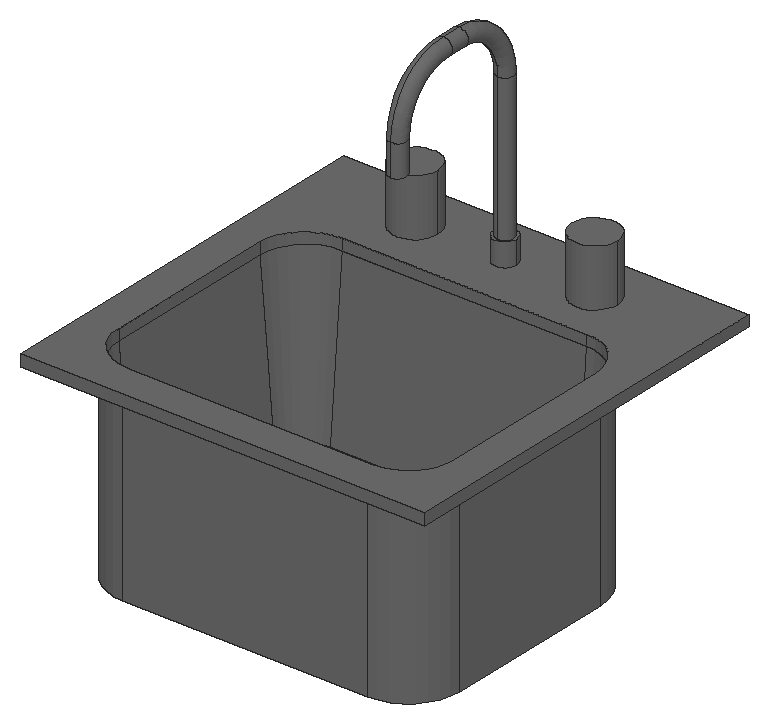
Revit family "M_水槽廚房-獨立型工作台", category 衛工裝置, Revit 2014
Parameters (values of type "450 x 450 mm")
  櫃檯高度 [instance] = 900.00 mm
  深度 = 450.00 mm
  固定裝置材質 = 金屬 - 鋼，拋光
  水槽材質 = 金屬 - 鋼，拋光
  寬度 = 450.00 mm
Reference planes
  plane 1 "中心 (前/後)": y = 2.345
  plane 2: z = 0
  plane 3 "中心 (左/右)": x = 15.689
  plane 4: y = 227.345
  plane 5: y = -222.655
  plane 6: x = -209.311
  plane 7: x = 240.689
  plane 8 "流理台面": z = 900
  plane 9: z = 912.7
  plane 10: z = 684.1
  plane 11: y = 113.045
  plane 12: x = -171.211
  plane 13: y = -184.555
  plane 14: x = 202.589
  plane 15: x = -84.311
  plane 16: x = 115.689
  plane 17: y = 170.195
  plane 18: y = 170.195
  plane 19: y = 170.195
  plane 20: z = 1163.525
  plane 21: y = 20.97
  plane 22: z = 976.2
  plane 23: z = 938.1
Forms (mm)
  Extrusion 1, solid, material "金屬 - 鋼，拋光" <- "水槽材質"
    sketch origin (0, 0, 0) x (1, 0, 0) y (0, 1, 0)
      loop
        line (-209.311, 227.345) -> (-209.311, -222.655) -> (240.689, -222.655) -> (240.689, 227.345) -> (-209.311, 227.345)
      loop
        arc (-120.411, 113.045) -> (-156.332, 98.166) -> (-171.211, 62.245) r 50.8
        line (-171.211, 62.245) -> (-171.211, -133.755)
        arc (-171.211, -133.755) -> (-156.332, -169.676) -> (-120.411, -184.555) r 50.8
        line (-120.411, -184.555) -> (151.789, -184.555)
        arc (151.789, -184.555) -> (187.71, -169.676) -> (202.589, -133.755) r 50.8
        line (202.589, -133.755) -> (202.589, 62.245)
        arc (202.589, 62.245) -> (187.71, 98.166) -> (151.789, 113.045) r 50.8
        line (151.789, 113.045) -> (-120.411, 113.045)
    from 900 to 912.7
  Sweep 2, solid, material "金屬 - 鋼，拋光" <- "水槽材質"
    path origin (0, 0, 0) x (1, 0, 0) y (0, 1, 0)
      loop
        arc (-120.411, 113.045) -> (-156.332, 98.166) -> (-171.211, 62.245) r 50.8
        line (-171.211, 62.245) -> (-171.211, -133.755)
        arc (-171.211, -133.755) -> (-156.332, -169.676) -> (-120.411, -184.555) r 50.8
        line (-120.411, -184.555) -> (151.789, -184.555)
        arc (151.789, -184.555) -> (187.71, -169.676) -> (202.589, -133.755) r 50.8
        line (202.589, -133.755) -> (202.589, 62.245)
        arc (202.589, 62.245) -> (187.71, 98.166) -> (151.789, 113.045) r 50.8
        line (151.789, 113.045) -> (-120.411, 113.045)
    profile origin (15.689, 0, 0) x (0, 1, 0) y (0, 0, 1)
      loop
        line (113.045, 900) -> (96.511, 711.015)
        arc (96.511, 711.015) -> (90.404, 698.63) -> (77.534, 693.625) r 19.05
        line (77.534, 693.625) -> (74.945, 693.625) -> (74.945, 684.1) -> (119.395, 684.1) -> (119.395, 900) -> (113.045, 900)
  Extrusion 3, solid, material "金屬 - 鋼，拋光" <- "水槽材質"
    sketch origin (0, 0, 0) x (1, 0, 0) y (0, 1, 0)
      loop
        arc (-120.411, 74.945) -> (-129.391, 71.226) -> (-133.111, 62.245) r 12.7
        line (-133.111, 62.245) -> (-133.111, -133.755)
        arc (-133.111, -133.755) -> (-129.391, -142.735) -> (-120.411, -146.455) r 12.7
        line (-120.411, -146.455) -> (151.789, -146.455)
        arc (151.789, -146.455) -> (160.769, -142.735) -> (164.489, -133.755) r 12.7
        line (164.489, -133.755) -> (164.489, 62.245)
        arc (164.489, 62.245) -> (160.769, 71.226) -> (151.789, 74.945) r 12.7
        line (151.789, 74.945) -> (-120.411, 74.945)
      loop
        circle (15.689, 0) r 25.4
    from 684.1 to 693.625
  Extrusion 4, solid, material "金屬 - 鋼，拋光" <- "固定裝置材質"
    sketch origin (0, 0, 0) x (1, 0, 0) y (0, 1, 0)
      loop
        circle (-84.311, 170.195) r 25.4
      loop
        circle (115.689, 170.195) r 25.4
    from 912.7 to 976.2
  Sweep 5, solid, material "金屬 - 鋼，拋光" <- "固定裝置材質"
    path origin (15.689, 0, 0) x (0, 1, 0) y (0, 0, 1)
      loop
        line (170.195, 912.7) -> (170.195, 1100.025)
        arc (170.195, 1100.025) -> (151.597, 1144.926) -> (106.695, 1163.525) r 63.5
        line (106.695, 1163.525) -> (84.47, 1163.525)
        arc (84.47, 1163.525) -> (39.569, 1144.926) -> (20.97, 1100.025) r 63.5
        line (20.97, 1100.025) -> (20.97, 1065.1)
    profile origin (15.689, 0, 1006.363) x (0, -1, 0) y (1, 0, 0)
      loop
        circle (-170.195, 0) r 9.525
  Extrusion 6, solid, material "金屬 - 鋼，拋光" <- "固定裝置材質"
    sketch origin (0, 0, 0) x (1, 0, 0) y (0, 1, 0)
      loop
        circle (15.689, 170.195) r 12.7
    from 912.7 to 938.1
Cuts and joins
  joined: Sweep 5, Extrusion 6
  joined: Sweep 2, Extrusion 3
Lines and regions (mm)
  Masking region 1
    outline origin (0, 0, 900) x (0, -1, 0) y (1, 0, 0)
      loop
        line (-227.345, -209.311) -> (222.655, -209.311) -> (222.655, 240.689) -> (-227.345, 240.689) -> (-227.345, -209.311)
  symbolic lines
    curve 1: arc (41.089, 0, 900) -> (15.689, 25.4, 900) -> (-9.711, 0, 900) r 25.4
    curve 2: arc (-9.711, 0, 900) -> (15.689, -25.4, 900) -> (41.089, 0, 900) r 25.4
    curve 3: line (-171.211, 62.245, 900) -> (-171.211, -133.755, 900)
    curve 4: line (-120.411, -184.555, 900) -> (151.789, -184.555, 900)
    curve 5: line (202.589, -133.755, 900) -> (202.589, 62.245, 900)
    curve 6: line (151.789, 113.045, 900) -> (28.389, 113.045, 900)
    curve 7: arc (202.589, 62.245, 900) -> (187.71, 98.166, 900) -> (151.789, 113.045, 900) r 50.8
    curve 8: arc (151.789, -184.555, 900) -> (187.71, -169.676, 900) -> (202.589, -133.755, 900) r 50.8
    curve 9: arc (-171.211, -133.755, 900) -> (-156.332, -169.676, 900) -> (-120.411, -184.555, 900) r 50.8
    curve 10: arc (-120.411, 113.045, 900) -> (-156.332, 98.166, 900) -> (-171.211, 62.245, 900) r 50.8
    curve 11: arc (142.689, 172.313, 900) -> (117.289, 197.713, 900) -> (91.889, 172.313, 900) r 25.4
    curve 12: arc (91.889, 172.313, 900) -> (117.289, 146.913, 900) -> (142.689, 172.313, 900) r 25.4
    curve 13: arc (28.389, 170.195, 900) -> (15.689, 182.895, 900) -> (2.989, 170.195, 900) r 12.7
    curve 14: line (2.989, 170.195, 900) -> (2.989, 53.145, 900)
    curve 15: line (28.389, 170.195, 900) -> (28.389, 53.145, 900)
    curve 16: arc (28.389, 53.145, 900) -> (15.689, 40.445, 900) -> (2.989, 53.145, 900) r 12.7
    curve 17: line (2.989, 113.045, 900) -> (-120.411, 113.045, 900)
    curve 18: arc (-58.911, 170.195, 900) -> (-84.311, 195.595, 900) -> (-109.711, 170.195, 900) r 25.4
    curve 19: arc (-109.711, 170.195, 900) -> (-84.311, 144.795, 900) -> (-58.911, 170.195, 900) r 25.4
Dimensions and locks
  equal spacing: plane 6, plane 3 "中心 (左/右)", plane 7
  "寬度": plane 6 to plane 7
  equal spacing: plane 5, plane 1 "中心 (前/後)", plane 4
  "深度": plane 5 to plane 4
  "櫃檯高度": plane 8 "流理台面" to plane 2
  locked: plane 9 to plane 8 "流理台面" at 12.7
  locked: plane 8 "流理台面" to plane 10 at 215.9
  locked: plane 6 to plane 12 at 38.1
  locked: plane 14 to plane 7 at 38.1
  locked: plane 11 to plane 4 at 114.3
  locked: plane 5 to plane 13 at 38.1
  equal spacing: plane 11, plane 17, plane 4
  equal spacing: plane 11, plane 18, plane 4
  equal spacing: plane 4, plane 19, plane 11
  locked: plane 19 to plane 21 at 149.225
  locked: plane 20 to plane 9 at 250.825
  locked: plane 22 to plane 9 at 63.5
  locked: plane 23 to plane 9 at 25.4
  plane 15 to plane 3 "中心 (左/右)" to plane 16 = 100.00 mm locked, 100.00 mm locked
  aligned and locked: Extrusion 1 sketch curve to plane 5
  aligned and locked: plane 7 to Extrusion 1 sketch curve
  aligned and locked: plane 4 to Extrusion 1 sketch curve
  aligned and locked: Extrusion 1 sketch curve to plane 6
  aligned and locked: plane 8 "流理台面" to Extrusion 1
  aligned and locked: Extrusion 1 to plane 9
  aligned and locked: plane 11 to Extrusion 1 sketch curve
  aligned and locked: plane 14 to Extrusion 1 sketch curve
  aligned and locked: Extrusion 1 sketch curve to plane 12
  aligned and locked: Extrusion 1 sketch curve to plane 13
  aligned and locked: plane 11 to Sweep 2 sketch curve
  aligned and locked: plane 14 to Sweep 2 sketch curve
  aligned and locked: Sweep 2 sketch curve to plane 12
  aligned and locked: Sweep 2 sketch curve to plane 13
  aligned and locked: Sweep 2 to Extrusion 3 sketch curve  (x4)
  aligned and locked: Sweep 2 to Extrusion 3
  aligned and locked: plane 10 to Extrusion 3
  aligned and locked: Sweep 2 sketch curve to plane 10
  aligned and locked: plane 8 "流理台面" to Sweep 2 sketch curve
  aligned and locked: Extrusion 4 to Extrusion 1
  aligned and locked: Extrusion 6 to Extrusion 1
  aligned and locked: Sweep 5 sketch curve to plane 19
  aligned and locked: plane 20 to Sweep 5 sketch curve
  aligned and locked: plane 21 to Sweep 5 sketch curve
  aligned and locked: Extrusion 4 to plane 22
  aligned and locked: Extrusion 6 to plane 23
  aligned and locked: plane 7 to Masking region 1 sketch curve
  aligned and locked: Masking region 1 sketch curve to plane 5
  aligned and locked: Masking region 1 sketch curve to plane 6
  aligned and locked: plane 4 to Masking region 1 sketch curve
  aligned and locked: curve 18 to Extrusion 4
  aligned and locked: plane 16 to Extrusion 4 sketch curve
  aligned and locked: plane 17 to Extrusion 4 sketch curve  (x2)
  aligned and locked: plane 15 to Extrusion 4 sketch curve
Automatic sketch dimensions
  Sweep 2 sketch curve to plane 12 = 50.80 mm
  Sweep 2 sketch curve to Sweep 2 sketch curve = 50.80 mm
  plane 11 to Sweep 2 sketch curve = 50.80 mm
  plane 14 to Sweep 2 sketch curve = 50.80 mm
  Extrusion 1 sketch curve to plane 12 = 50.80 mm  (x2)
  plane 14 to Extrusion 1 sketch curve = 50.80 mm  (x2)
  Extrusion 3 sketch curve to plane 3 "中心 (左/右)" = 0.00 mm
  Extrusion 3 sketch curve to Extrusion 3 sketch curve = 12.70 mm  (x4)
  plane 1 "中心 (前/後)" to Extrusion 3 sketch curve = 2.345 mm
  Extrusion 3 sketch curve to plane 3 "中心 (左/右)" = 25.40 mm
  Sweep 2 sketch curve to profile plane = 0.00 mm
  profile plane to Sweep 2 sketch curve = 16.534 mm
  Sweep 2 sketch curve to Sweep 2 sketch curve = 18.978 mm
  Sweep 2 sketch curve to Sweep 2 sketch curve = 2.588 mm
  Sweep 2 sketch curve to profile plane = 6.35 mm
  Sweep 2 sketch curve to Sweep 2 sketch curve = 9.525 mm
  Sweep 2 sketch curve to Sweep 2 sketch curve = 17.39 mm
  plane 15 to Extrusion 4 sketch curve = 25.40 mm
  plane 16 to Extrusion 4 sketch curve = 25.40 mm
  Sweep 5 sketch curve to plane 3 "中心 (左/右)" = 0.00 mm
  Sweep 5 sketch curve to profile plane = 0.00 mm
  profile plane to Sweep 5 sketch curve = 9.525 mm
  Extrusion 6 sketch curve to plane 18 = 0.00 mm
  Extrusion 6 sketch curve to plane 3 "中心 (左/右)" = 0.00 mm
  Extrusion 6 sketch curve to plane 3 "中心 (左/右)" = 12.70 mm
  Sweep 5 sketch curve to plane 9 = 0.00 mm
  Sweep 5 sketch curve to Sweep 5 sketch curve = 63.50 mm
  plane 11 to Sweep 5 sketch curve = 6.35 mm
  Sweep 5 sketch curve to Sweep 5 sketch curve = 34.925 mm
  curve 17 to plane 11 = 0.00 mm
  curve 6 to plane 11 = 0.00 mm
  curve 5 to plane 14 = 0.00 mm
  curve 3 to plane 12 = 0.00 mm
  curve 16 to plane 3 "中心 (左/右)" = 0.00 mm
  curve 2 to plane 3 "中心 (左/右)" = 0.00 mm
  curve 4 to plane 13 = 0.00 mm
  plane 4 to curve 13 = 57.15 mm
  plane 4 to curve 11 = 55.032 mm
  plane 11 to curve 7 = 50.80 mm
  plane 11 to curve 10 = 50.80 mm
  curve 15 to plane 1 "中心 (前/後)" = 50.80 mm
  curve 16 to plane 3 "中心 (左/右)" = 12.70 mm
  plane 1 "中心 (前/後)" to curve 1 = 2.345 mm
  curve 3 to plane 13 = 50.80 mm
  curve 8 to plane 13 = 50.80 mm
  curve 2 to plane 3 "中心 (左/右)" = 25.40 mm
  curve 13 to curve 12 = 63.50 mm
  curve 11 to curve 12 = 25.40 mm
